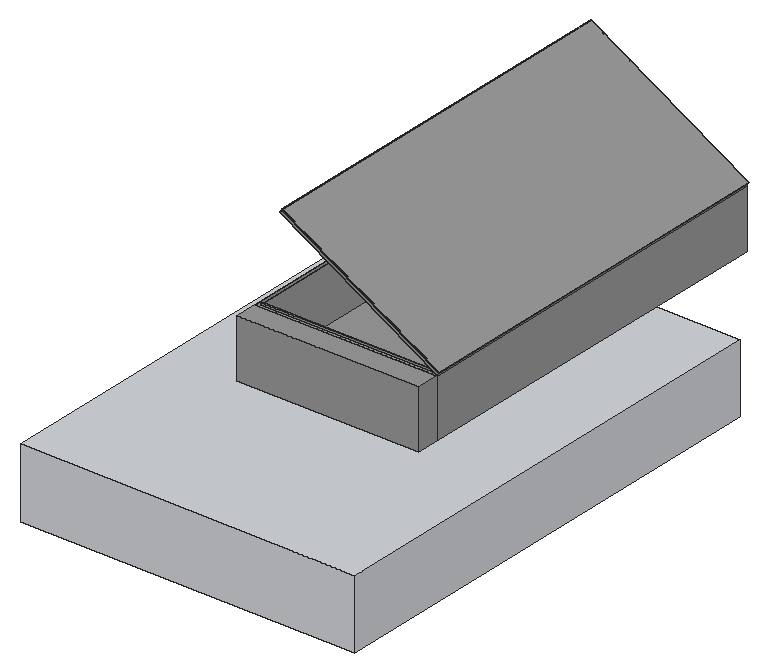
Revit family "Hager-Univers-IP55-D275-H1800-Cl.II-Steel_encl-PL-pl", category Equipement électrique, Revit 2020
Family settings
  Hôte = Face
  Configuration du panneau = Deux colonnes, circuits au sein
  Cote de connecteur circulaire = Utiliser le diamètre
  Type d'élément = Tableau de raccordement
  Couper avec des vides une fois chargée = Non
  Partagée = Non
  Point de calcul de pièce = Non
Parameters (values of type "Montaż podłogowy IP55 S800 W1800 G275  - FR13S1")
  Width Control [instance] = if([EF000008 - Szerokość] > Min Width, [EF000008 - Szerokość], Min Width)  # 800 mm
  Commentaires du type = [HG000003 - Zakres]  # "Univers"
  Thickness Door [instance] = if([EF009171 - Drzwi/pokrywa z materiału o wysokiej wytrzymałości mechanicznej] > 3 mm, 3 mm, [EF009171 - Drzwi/pokrywa z materiału o wysokiej wytrzymałości mechanicznej])  # 1.5 mm
  Seal Frame Offset [instance] = 17 mm  # constant formula
  Plinth Visibility [instance] = [HG000027 - Wysokość cokołu] > 0 mm  # yes
  Model = ""
  Min Width [instance] = 100 mm  # constant formula
  Min Height [instance] = 100 mm  # constant formula
  Min Depth [instance] = (2 * [EF009170 - Obudowa z materiału o wysokiej wytrzymałości mechanicznej]) + 1 mm  # 4 mm
  Internal Frame Depth [instance] = (Door System Depth * 0.5)  # 9 mm
  Height Control [instance] = if([EF000040 - Wysokość] > Min Height, [EF000040 - Wysokość], Min Height)  # 1800 mm
  HG000027 - Wysokość cokołu = 100 mm
  HG000026 - Stojąca = yes
  HG000024 - Wysokość części dolnej = 800 mm
  HG000023 - Obudowa dwusekcyjna = no
  HG000016 - Widoczność drzwi w widoku 3D [instance] = yes
  HG000015 - Przestrzeń robocza - otwarcie drzwi [instance] = no
  HG000014 - Drzwi prawe [instance] = yes
  HG000013 - Drzwi lewe [instance] = not([HG000014 - Drzwi prawe])  # no
  HG000012 - Kąt otwarcia drzwi [instance] = 30.00°
  HG000010 - Drzwi asymetryczne = no
  HG000009 - Drzwi dwuskrzydłowe = no
  HG000006 - Montaż podtynkowy = no
  HG000004 - Referencja producenta = "FR13S1"
  HG000003 - Zakres = "Univers"
  HG000002 - Z drzwiami lub pokrywą = yes
  Frame Offset Bottom [instance] = 10 mm  # constant formula
  Frame Offset [instance] = 15 mm  # constant formula
  EF015940 - Pokrywa z wyzwalaczem nadciśnieniowym = no
  EF011959 - Stopień ochrony (NEMA) = ""
  EF009554 - Liczba otworów pod flansze = 6
  Fabricant = "Hager"  # constant formula
  EF009212 - Wykonanie pokrywy = "EV000116 - Zamknięty"
  EF009171 - Drzwi/pokrywa z materiału o wysokiej wytrzymałości mechanicznej = 1.5 mm
  EF009170 - Obudowa z materiału o wysokiej wytrzymałości mechanicznej = 1.5 mm
  EF008873 - Prąd znamionowy (In) = 800 A
  EF007800 - Do ochrony odgromowej = no
  EF006306 - Z zamkiem = no
  EF006244 - Transparentna pokrywa/drzwi = no
  EF005474 - Stopień ochrony (IP) = "EV006420 - IP55"
  EF004464 - Rodzaj drzwi = "EV002646 - Pojedynczy"
  EF004427 - Liczba modułów = 396
  EF004293 - Odporność udarowa = "EV008784 - IK10"
  EF003532 - Do zastosowań zewnętrznych = no
  EF002950 - Szerokość wyrażona liczbą modułów = 24
  EF001613 - Podtrzymanie funkcji = "EV000494 - Brak"
  EF001596 - Materiał obudowy = "EV000179 - Stal"
  EF001131 - Głębokość wewnętrzna = 275 mm
  EF001088 - Możliwość rozbudowy = yes
  EF000437 - Liczba wejść kablowych = 6
  EF000339 - Rodzaj pokrywy = "EV004216 - Drzwi"
  EF000266 - Liczba rzędów = 11
  EF000218 - Głębokość wbudowania = 0 mm
  EF000118 - Z płytą montażową = no
  EF000116 - Numer RAL = "7035"
  EF000049 - Głębokość = 275 mm
  EF000040 - Wysokość = 1800 mm
  EF000008 - Szerokość = 800 mm
  EF000007 - Kolor = "EV000270 - Szary"
  EF000003 - Sposób montażu = "EV012274 - Montaż podłogowy"
  Door System Leaf Tolerance [instance] = 1.5 mm  # constant formula
  Door System Depth [instance] = 18 mm  # constant formula
  Door Height [instance] = Height Control - [HG000027 - Wysokość cokołu]  # 1700 mm
  Depth Control [instance] = if([EF000049 - Głębokość] > Min Depth, [EF000049 - Głębokość], Min Depth)  # 275 mm
  Default Elevation = 0 mm
  Connector Offset [instance] = Height Control / 2  # 900 mm
  Bottom Top Plate Trim [instance] = 1.5 mm  # constant formula
  Plinth height Ctrl [instance] = if([HG000027 - Wysokość cokołu] > 0 mm, [HG000027 - Wysokość cokołu], 12 mm)  # 100 mm
Types (5, lengths in mm): name | Width Control | HG000010 - Drzwi asymetryczne | HG000009 - Drzwi dwuskrzydłowe | HG000004 - Referencja producenta | EF009554 - Liczba otworów pod flansze | EF004464 - Rodzaj drzwi | EF004427 - Liczba modułów | EF000437 - Liczba wejść kablowych | EF000008 - Szerokość
  Montaż podłogowy IP55 S1050 W1800 G275  - FR14S1 | 1050 | yes | yes | "FR14S1" | 8 | "EV003602 - Podwójny" | 528 | 8 | 1050
  Montaż podłogowy IP55 S1300 W1800 G275  - FR15S1 | 1300 | yes | yes | "FR15S1" | 10 | "EV003602 - Podwójny" | 660 | 10 | 1300
  Montaż podłogowy IP55 S300 W1800 G275  - FR11S1 | 300 | no | no | "FR11S1" | 2 | "EV002646 - Pojedynczy" | 132 | 2 | 300
  Montaż podłogowy IP55 S550 W1800 G275  - FR12S1 | 550 | no | no | "FR12S1" | 4 | "EV002646 - Pojedynczy" | 264 | 4 | 550
  Montaż podłogowy IP55 S800 W1800 G275  - FR13S1 | 800 | no | no | "FR13S1" | 6 | "EV002646 - Pojedynczy" | 396 | 6 | 800
Reference planes
  plane 1 "Center (Front/Back)": y = 0
  plane 2: z = 0
  plane 3 "Center (Left/Right)": x = 0
  plane 4: z = 275
  plane 5: y = 101.5
  plane 6: y = 950
  plane 7: y = 100
  plane 8: y = 1800
  plane 9: z = 0
  plane 10: x = -385
  plane 11: x = 385
  plane 12: x = 383.5
  plane 13: x = -383.5
  plane 14: y = 1798.5
  plane 15: x = -383
  plane 16: x = -400
  plane 17: x = 383
  plane 18: x = 400
  plane 19: x = 398.5
  plane 20: x = -398.5
  plane 21: y = 111.5
  plane 22: y = 1800
  plane 23: y = 1783.5
  plane 24: z = 257
  plane 25: z = 1.5
  plane 26: z = 255.5
  plane 27: z = 273.5
Forms (mm)
  Extrusion 1, solid
    sketch origin (0, 0, 0) x (1, 0, 0) y (0, 1, 0)
      loop
        line (-702.964, 1305) -> (-702.964, -811.445) -> (766.763, -811.445) -> (766.763, 1305) -> (-702.964, 1305)
    from 0 to -304.8
  Extrusion 2, solid, material "Hager_Steel_RAL7035_Light_Grey", visible <- "Plinth Visibility", detail levels medium+fine
    sketch origin (0, 0, 0) x (1, 0, 0) y (0, 1, 0)
      loop
        line (-400, 0) -> (400, 0) -> (400, 100) -> (-400, 100) -> (-400, 0)
    from 0 to 257
  Extrusion 3, solid, material "Hager_Steel_RAL7035_Light_Grey", detail levels medium+fine
    sketch origin (0, 0, 0) x (1, 0, 0) y (0, 1, 0)
      loop
        line (-400, 100) -> (400, 100) -> (400, 1800) -> (-400, 1800) -> (-400, 100)
    from 0 to 257
  Extrusion 4, void
    sketch origin (0, 0, 0) x (1, 0, 0) y (0, 1, 0)
      loop
        line (-398.5, 101.5) -> (398.5, 101.5) -> (398.5, 1798.5) -> (-398.5, 1798.5) -> (-398.5, 101.5)
    from 1.5 to 255.5
  Extrusion 5, void
    sketch origin (-381.607, -4572, 257) x (0, -1, 0) y (-1, 0, 0)
      loop
        line (-4683.5, 1.893) -> (-6355.5, 1.893) -> (-6355.5, -765.107) -> (-4683.5, -765.107) -> (-4683.5, 1.893)
    from 0 to 1.5 <- "EF009170 - Obudowa z materiału o wysokiej wytrzymałości mechanicznej"
  Extrusion 6, solid, material "Hager_Steel_RAL7035_Light_Grey", detail levels fine
    sketch origin (0, 0, 257) x (1, 0, 0) y (0, 1, 0)
      loop
        line (-383.5, 1783.5) -> (-383.5, 111.5) -> (383.5, 111.5) -> (383.5, 1783.5) -> (-383.5, 1783.5)
      loop
        line (-385, 110) -> (385, 110) -> (385, 1785) -> (-385, 1785) -> (-385, 110)
    from 0 to 9 <- "Internal Frame Depth"
  Extrusion 7, solid, material "Hager_Steel_RAL7035_Light_Grey", detail levels coarse
    sketch origin (0, 0, 0) x (1, 0, 0) y (0, 1, 0)
      loop
        line (-400, 0) -> (400, 0) -> (400, 1800) -> (-400, 1800) -> (-400, 0)
    from 0 to 275
  Sweep 8, void
    path in 3D
      loop
        line (-400, 100, 0) -> (400, 100, 0) -> (400, 100, 257) -> (-400, 100, 257) -> (-400, 100, 0)
    profile origin (-400, 100, 128.5) x (-1, 0, 0) y (0, -1, 0)
      loop
        line (0, 0) -> (0, 1.5) -> (-1.5, 1.5)
        arc (-1.5, 1.5) -> (-1.061, 0.439) -> (0, 0) r 1.5
Cuts and joins
  Extrusion 4, Extrusion 5 cuts Extrusion 3
  Sweep 8 cuts Extrusion 2
Lines and regions (mm)
  Masking region 1
    outline origin (0, 0, 0) x (1, 0, 0) y (0, 0, 1)
      loop
        line (-400, 275) -> (-400, 0) -> (400, 0) -> (400, 275) -> (-400, 275)
  Masking region 2, detail levels medium+fine
    outline origin (0, 140, 0) x (0, 1, 0) y (0, 0, 1)
      loop
        line (-40, 0) -> (1660, 0) -> (1660, 257) -> (-40, 257) -> (-40, 0)
  Masking region 3, not visible, detail levels medium+fine
    outline origin (0, 297.922, 0) x (0, 1, 0) y (0, 0, 1)
      loop
        line (663.578, 0) -> (703.578, 0) -> (703.578, 263.5)
        arc (703.578, 263.5) -> (700.649, 270.571) -> (693.578, 273.5) r 10
        line (693.578, 273.5) -> (663.578, 273.5) -> (663.578, 0)
  Masking region 4, detail levels coarse
    outline origin (0, 0, 180) x (0, 1, 0) y (0, 0, 1)
      loop
        line (0, -180) -> (1800, -180) -> (1800, 95) -> (0, 95) -> (0, -180)
  Masking region 5, visible <- "Plinth Visibility", detail levels medium+fine
    outline origin (0, 52.24, 12.345) x (0, 0, -1) y (0, 1, 0)
      loop
        line (10.845, 47.76) -> (-243.155, 47.76)
        arc (-243.155, 47.76) -> (-243.594, 46.699) -> (-244.655, 46.26) r 1.5
        line (-244.655, 46.26) -> (-244.655, -52.24) -> (12.345, -52.24) -> (12.345, 46.26)
        arc (12.345, 46.26) -> (11.285, 46.699) -> (10.845, 47.76) r 1.5
  Masking region 6, detail levels medium+fine
    outline origin (-381.607, -4572, 257) x (-1, 0, 0) y (0, -1, 0)
      loop
        line (18.393, -6372) -> (18.393, -4672) -> (-781.607, -4672) -> (-781.607, -6372) -> (18.393, -6372)
  Masking region 7, visible <- "Plinth Visibility", detail levels medium+fine
    outline origin (-381.607, -4727, 257) x (-1, 0, 0) y (0, -1, 0)
      loop
        arc (16.893, -4827) -> (17.332, -4825.939) -> (18.393, -4825.5) r 1.5
        line (18.393, -4825.5) -> (18.393, -4727) -> (-781.607, -4727) -> (-781.607, -4825.5)
        arc (-781.607, -4825.5) -> (-780.546, -4825.939) -> (-780.107, -4827) r 1.5
        line (-780.107, -4827) -> (16.893, -4827)
  Masking region 8, detail levels coarse
    outline origin (-442.548, -4669.526, 257) x (-1, 0, 0) y (0, -1, 0)
      loop
        line (-42.548, -6469.526) -> (-42.548, -4669.526) -> (-842.548, -4669.526) -> (-842.548, -6469.526) -> (-42.548, -6469.526)
  sketch lines
    curve 1: line (-400, 100, 257) -> (-400, 100, 0)
    curve 2: line (400, 100, 257) -> (-400, 100, 257)
    curve 3: line (400, 100, 257) -> (400, 100, 0)
    curve 4: line (-400, 100, 0) -> (400, 100, 0)
Dimensions and locks
  "Depth Control": plane 4 to Extrusion 1
  "HG000027 - Wysokość cokołu": plane 1 "Center (Front/Back)" to plane 7
  "EF009170 - Obudowa z materiału o wysokiej wytrzymałości mechanicznej": plane 5 to plane 7
  locked: connector elem to plane 3 "Center (Left/Right)"
  equal spacing: plane 8, plane 6, plane 7
  locked: connector elem to plane 6
  "EF009170 - Obudowa z materiału o wysokiej wytrzymałości mechanicznej": plane 8 to plane 14
  "EF009170 - Obudowa z materiału o wysokiej wytrzymałości mechanicznej": plane 10 to plane 13
  "EF009170 - Obudowa z materiału o wysokiej wytrzymałości mechanicznej": plane 12 to plane 11
  "Frame Offset": plane 20 to plane 13
  "Frame Offset": plane 12 to plane 19
  "EF009170 - Obudowa z materiału o wysokiej wytrzymałości mechanicznej": plane 16 to plane 20
  "EF009170 - Obudowa z materiału o wysokiej wytrzymałości mechanicznej": plane 19 to plane 18
  "Seal Frame Offset": plane 16 to plane 15
  "Seal Frame Offset": plane 17 to plane 18
  "Frame Offset Bottom": plane 21 to plane 5
  "Frame Offset": plane 14 to plane 23
  equal spacing: plane 16, plane 3 "Center (Left/Right)", plane 18
  "Width Control": plane 16 to plane 18
  "EF009170 - Obudowa z materiału o wysokiej wytrzymałości mechanicznej": plane 4 to plane 27
  "EF009170 - Obudowa z materiału o wysokiej wytrzymałości mechanicznej": plane 24 to plane 26
  "EF009170 - Obudowa z materiału o wysokiej wytrzymałości mechanicznej": plane 25 to level
  "Door System Depth": plane 4 to plane 24
  "Height Control": plane 1 "Center (Front/Back)" to Extrusion 7 sketch curve
  "Height Control": Masking region 4 sketch curve to plane 1 "Center (Front/Back)"
  "Height Control": plane 1 "Center (Front/Back)" to plane 22
  "Bottom Top Plate Trim": profile plane to Sweep 8 sketch curve
  "Bottom Top Plate Trim": Sweep 8 sketch curve to profile plane
  "Plinth height Ctrl": plane 1 "Center (Front/Back)" to Extrusion 2 sketch curve
  "Plinth height Ctrl": Masking region 5 sketch curve to plane 1 "Center (Front/Back)"
  "Plinth height Ctrl": plane 1 "Center (Front/Back)" to Masking region 7 sketch curve
  "Thickness Door": Extrusion 6 sketch curve to Extrusion 6 sketch curve  (x3)
  "Thickness Door": cut or joined group of Extrusion 3, Extrusion 4, Extrusion 5 to Extrusion 6 sketch curve
  radius of Masking region 3 sketch curve = 10 mm
  "Bottom Top Plate Trim": radius of Masking region 5 sketch curve  (x2)
  "Bottom Top Plate Trim": radius of Sweep 8 sketch curve
  "Bottom Top Plate Trim": radius of Masking region 7 sketch curve  (x2)
  aligned and locked: plane 2 to Extrusion 1
  aligned and locked: level to Extrusion 1
  aligned and locked: level to Masking region 1 sketch curve
  aligned and locked: Masking region 1 sketch curve to plane 18
  aligned and locked: Masking region 1 sketch curve to plane 16
  aligned and locked: plane 7 to Masking region 2 sketch curve
  aligned and locked: level to Masking region 3 sketch curve
  aligned and locked: Masking region 3 sketch curve to plane 27
  aligned and locked: level to Masking region 2 sketch curve
  aligned and locked: plane 1 "Center (Front/Back)" to Extrusion 2 sketch curve
  aligned and locked: Extrusion 3 sketch curve to plane 7
  aligned and locked: plane 16 to Extrusion 3 sketch curve
  aligned and locked: plane 18 to Extrusion 3 sketch curve
  aligned and locked: plane 20 to Extrusion 4 sketch curve
  aligned and locked: plane 19 to Extrusion 4 sketch curve
  aligned and locked: Extrusion 4 sketch curve to plane 5
  aligned and locked: Extrusion 4 to plane 25
  aligned and locked: plane 26 to Extrusion 4
  aligned and locked: plane 24 to Extrusion 3
  aligned and locked: Extrusion 5 sketch curve to plane 21
  aligned and locked: Extrusion 5 sketch curve to plane 13
  aligned and locked: Extrusion 5 sketch curve to plane 12
  aligned and locked: plane 18 to Extrusion 7 sketch curve
  aligned and locked: plane 1 "Center (Front/Back)" to Extrusion 7 sketch curve
  aligned and locked: plane 16 to Extrusion 7 sketch curve
  aligned and locked: plane 4 to Extrusion 7
  aligned and locked: Extrusion 7 to level
  aligned and locked: level to Masking region 4 sketch curve
  aligned and locked: Masking region 4 sketch curve to plane 1 "Center (Front/Back)"
  aligned and locked: Masking region 4 sketch curve to plane 4
  aligned and locked: nested 1 to level
  aligned and locked: nested 1 to plane 16
  aligned and locked: plane 8 to Extrusion 3 sketch curve
  aligned and locked: plane 23 to Extrusion 5 sketch curve
  aligned and locked: plane 14 to Extrusion 4 sketch curve
  aligned and locked: Masking region 2 sketch curve to plane 8
  aligned and locked: level to Masking region 5 sketch curve
  aligned and locked: plane 16 to Extrusion 2 sketch curve
  aligned and locked: plane 18 to Extrusion 2 sketch curve
  aligned and locked: Masking region 5 sketch curve to plane 24
  aligned and locked: Masking region 2 sketch curve to plane 24
  aligned and locked: plane 24 to Extrusion 2
  aligned and locked: profile plane to Sweep 8 sketch curve  (x2)
  aligned and locked: Masking region 6 sketch curve to plane 18
  aligned and locked: Masking region 6 sketch curve to plane 22
  aligned and locked: Masking region 6 sketch curve to plane 16
  aligned and locked: plane 8 to plane 22
  aligned and locked: Masking region 6 sketch curve to plane 7
  aligned and locked: Masking region 7 sketch curve to plane 16
  aligned and locked: Masking region 7 sketch curve to plane 1 "Center (Front/Back)"
  aligned and locked: Masking region 7 sketch curve to plane 18
  aligned and locked: Masking region 8 sketch curve to plane 1 "Center (Front/Back)"
  aligned and locked: Masking region 8 sketch curve to plane 18
  aligned and locked: Masking region 8 sketch curve to plane 22
  aligned and locked: Masking region 8 sketch curve to plane 16
  aligned and locked: nested 2 to plane 7
  aligned and locked: plane 3 "Center (Left/Right)" to nested 2
  aligned and locked: nested 2 to plane 24
  aligned and locked: Extrusion 6 sketch curve to cut or joined group of Extrusion 3, Extrusion 4, Extrusion 5  (x4)
Automatic sketch dimensions
  Extrusion 1 sketch curve to Extrusion 1 sketch curve = 1469.727 mm
  Extrusion 1 sketch curve to Extrusion 1 sketch curve = 2116.445 mm
  Masking region 1 sketch curve to plane 4 = 0 mm
  plane 6 to Masking region 3 sketch curve = 11.5 mm
  Masking region 3 sketch curve to Masking region 3 sketch curve = 30 mm
  Masking region 5 sketch curve to plane 1 "Center (Front/Back)" = 0 mm
Nested families
  nested 1: "Hager_Enclosure_Symbol" at (-400, 0, 0) x (1, 0, 0) z (0, -1, 0), Height <- "Depth Control", Width <- "Width Control", type "Hager_Enclosure_Symbol"
    with Width_Ctrl 800 mm, Width 800 mm, Height_Ctrl 275 mm, Height 275 mm, A_Width_Int 18.047 mm, A_Width 216.562 mm, A_Height_Ctrl 240.625 mm, A_Height 240.625 mm
  nested 2: "EC000058_Univers_Door" at (0, 100, 257) x (1, 0, 0) z (0, 1, 0), Leaf_Tolerance <- "Door System Leaf Tolerance", Angle <- "HG000012 - Kąt otwarcia drzwi", Door_Depth <- "Door System Depth", Door_Left <- "HG000013 - Drzwi lewe", Transparent <- "EF006244 - Transparentna pokrywa/drzwi", Assymetrical <- "HG000010 - Drzwi asymetryczne", Width <- "Width Control", Clearance <- "HG000015 - Przestrzeń robocza - otwarcie drzwi", Double <- "HG000009 - Drzwi dwuskrzydłowe", 3d_Door <- "HG000016 - Widoczność drzwi w widoku 3D", Lock_Visibility <- "EF006306 - Z zamkiem", Width_Ctrl <- "Width Control", Door_Right <- "HG000014 - Drzwi prawe", Door <- "HG000002 - Z drzwiami lub pokrywą", Height <- "Door Height", Thickness <- "Thickness Door", type "EC000058_Univers_Door", detail levels medium+fine
    with min_wh 4 mm, Width_Ctrl 800 mm, Width 800 mm, Transparent no, Thickness 1.5 mm, Seal_Material Hager_Rubber, Lock_Visibility no, Lock_Material Hager_Plastic_RAL9005_Jet_Black, Leaf_Width 800 mm, Leaf_Tolerance_External_Sides 0 mm, Leaf_Tolerance 1.5 mm, Leaf_Offset 0 mm, Leaf_Height 1697 mm, Leaf_2_Width 800 mm, Leaf_2_Offset 400 mm, Leaf_1_Width 800 mm, Leaf_1_Offset 400 mm, Height_Ctrl 1700 mm, Height 1700 mm, Glass_Material Hager_Glass, Double_Clearance_Ctrl no, Double no, Door_Right_Ctrl yes, Door_Right yes, Door_Material Hager_Steel_RAL7035_Light_Grey, Door_Left_Ctrl no, Door_Left no, Door_Depth 18 mm, Door yes, Clearance_Material Hager_Clearance, Clearance_Depth 800 mm, Clearance_Ctrl no, Clearance no, Assymetrical no, Angle 30.00°, 3d_Door yes
Connectors
  electrical at (0, 950, 0)
    settings: on plane 9, index 1, voltage 0 V, apparent load 0 VA, apparent load phase1 0 VA, apparent load phase2 0 VA, apparent load phase3 0 VA, power factor 1, load classification "Other", number of poles 1, system type 30, power factor state 1, is connector primary yes, connector utility no, sub classification motor no, connector description ""
Definition of nested family "EC000058_Univers_Door"
  Parameters (values of type "EC000058_Univers_Door")
    min_wh [instance] = (2 * Thickness) + 1 mm  # 11 mm
    Width_Ctrl [instance] = 400 mm
    Width [instance] = 500 mm
    Transparent [instance] = yes
    Thickness [instance] = 5 mm
    Seal_Material [instance] = none
    Lock_Visibility [instance] = yes
    Lock_Material [instance] = none
    Leaf_Width [instance] = if((Width_Ctrl - 2 * Leaf_Tolerance_External_Sides) > 0 mm, (Width_Ctrl - 2 * Leaf_Tolerance_External_Sides), min_wh)  # 400 mm
    Leaf_Tolerance_External_Sides [instance] = 0 mm  # constant formula
    Leaf_Tolerance [instance] = 1.5 mm
    Leaf_Offset [instance] = 0 mm  # constant formula
    Leaf_Height [instance] = if((Height_Ctrl - 2 * Leaf_Tolerance) > 0 mm, (Height_Ctrl - 2 * Leaf_Tolerance), min_wh)  # 497 mm
    Leaf_2_Width [instance] = if(and(and(Double, Assymetrical), Door_Left), (Leaf_Width / 3) - (Leaf_Tolerance / 2), if(and(and(Double, Assymetrical), Door_Right), (Leaf_Width / 3) * 2 - (Leaf_Tolerance / 2), if(and(Double, not(Assymetrical)), (Leaf_Width / 2) - Leaf_Tolerance, Leaf_Width)))  # 400 mm
    Leaf_2_Offset [instance] = if(and(Double, Assymetrical), Leaf_2_Width / 2, if(and(Double, not(Assymetrical)), Leaf_Width / 4, Leaf_Width / 2))  # 200 mm
    Leaf_1_Width [instance] = if(and(and(Double, Assymetrical), Door_Right), (Leaf_Width / 3) - (Leaf_Tolerance / 2), if(and(and(Double, Assymetrical), Door_Left), (Width / 3) * 2 - (Leaf_Tolerance / 2), if(and(Double, not(Assymetrical)), (Leaf_Width / 2) - Leaf_Tolerance, Leaf_Width)))  # 400 mm
    Leaf_1_Offset [instance] = if(and(Double, Assymetrical), Leaf_1_Width / 2, if(and(Double, not(Assymetrical)), Leaf_Width / 4, Leaf_Width / 2))  # 200 mm
    Height_Ctrl [instance] = if(Height > min_wh, Height, min_wh)  # 500 mm
    Height [instance] = 500 mm
    Glass_Material [instance] = none
    Double_Clearance_Ctrl [instance] = and(Double, Clearance)  # no
    Double [instance] = no
    Door_Right_Ctrl [instance] = and(or(Door_Right, Double), Door)  # yes
    Door_Right [instance] = yes
    Door_Material [instance] = none
    Door_Left_Ctrl [instance] = and(or(Door_Left, Double), Door)  # no
    Door_Left [instance] = no
    Door_Depth [instance] = 30 mm
    Door [instance] = yes
    Default Elevation = 1219.2 mm
    Clearance_Material [instance] = none
    Clearance_Depth [instance] = if(Leaf_1_Width > Leaf_2_Width, Leaf_1_Width, Leaf_2_Width)  # 400 mm
    Clearance_Ctrl [instance] = and(not(Double), Clearance)  # yes
    Clearance [instance] = yes
    Assymetrical [instance] = yes
    Angle [instance] = 30.00°
    3d_Door [instance] = yes
  Reference planes
    plane 1 "Center (Front/Back)": y = 0
    plane 2 "Bottom": z = 0
    plane 3 "Center (Left/Right)": x = 0
    plane 4: z = 500
    plane 5: x = -200
    plane 6: x = 200
    plane 7: z = 500
    plane 8: x = -200
    plane 9: z = 0
    plane 10: x = 200
    plane 11: y = 0
    plane 12: z = 1.5
    plane 13: x = -600
    plane 14: y = -400
    plane 15: x = 600
    plane 16: x = 0
    plane 17: x = 0
    plane 18: x = -200
    plane 19: x = 200
    plane 20: z = 498.5
  Forms (mm)
    Extrusion 1, solid, material <- "Clearance_Material", visible <- "Double_Clearance_Ctrl"
      sketch origin (1200, 0, 0) x (1, 0, 0) y (0, 0, -1)
        loop
          line (-1800, -498.5) -> (-600, -498.5) -> (-600, 0) -> (-1800, 0) -> (-1800, -498.5)
      from 0 to -400
  Dimensions and locks
    equal spacing: plane 5, plane 3 "Center (Left/Right)", plane 6
    "Width_Ctrl": plane 5 to plane 6
    "Leaf_Offset": plane 5 to plane 8
    "Leaf_Offset": plane 6 to plane 10
    "Leaf_Offset": plane 9 to level
    "Leaf_Offset": plane 4 to plane 7
    "Height_Ctrl": plane 4 to level
    "Leaf_Tolerance": plane 12 to plane 9
    locked: plane 11 to plane 1 "Center (Front/Back)"
    "Leaf_1_Offset": plane 18 to plane 16
    "Leaf_2_Offset": plane 17 to plane 19
    "Leaf_1_Width": plane 13 to plane 8
    "Leaf_2_Width": plane 10 to plane 15
    "Clearance_Depth": plane 14 to plane 1 "Center (Front/Back)"
    "Leaf_Tolerance_External_Sides": plane 8 to plane 18
    "Leaf_Tolerance_External_Sides": plane 19 to plane 10
    "Leaf_Tolerance": plane 7 to plane 20
    aligned and locked: level to plane 2 "Bottom"
    aligned and locked: nested 1 to plane 16
    aligned and locked: nested 2 to plane 17
    aligned and locked: Extrusion 1 to plane 13
    aligned and locked: plane 15 to Extrusion 1
    aligned and locked: Extrusion 1 to plane 14
    aligned and locked: plane 12 to nested 1
    aligned and locked: nested 2 to plane 12
    aligned and locked: Extrusion 1 to plane 11
    aligned and locked: plane 20 to Extrusion 1
    aligned and locked: nested 2 to plane 11
    aligned and locked: nested 1 to plane 11
  Automatic sketch dimensions
    Extrusion 1 sketch curve to level = 0 mm
    plane 5 to Extrusion 1 sketch curve = 400 mm
    plane 6 to Extrusion 1 sketch curve = 400 mm
    Extrusion 1 sketch curve to plane 4 = 1.5 mm
  Nested families
    nested 1: "EC000058_Univers_Door_Leaf" at (0, 0, 1.5), Width <- "Leaf_1_Width", visible <- "Door_Left_Ctrl", Leaf_Height <- "Leaf_Height", Angle <- "Angle", 3d_Door <- "3d_Door", Transparent <- "Transparent", Clearance Material <- "Clearance_Material", Clearance <- "Clearance_Ctrl", Door_Material <- "Door_Material", Glass_Material <- "Glass_Material", Door_Depth <- "Door_Depth", Lock_Material <- "Lock_Material", Seal_Material <- "Seal_Material", Lock_Visibility <- "Lock_Visibility", Thickness <- "Thickness", type "EC000058_Univers_Door_Leaf"
      with Width 400 mm, Transparent_Glass_Offset 30 mm, Transparent_Ctrl yes, Transparent yes, Thickness 5 mm, Standard no, Seal_Material none, Seal_D2 8 mm, Seal_D1 1 mm, Offset_Internal_Frame 10 mm, Lock_Width 20 mm, Lock_Visibility_3d yes, Lock_Visibility yes, Lock_Thickness_3 3 mm, Lock_Thickness_2 1 mm, Lock_Thickness_1 3 mm, Lock_Radius_Offset_2 16 mm, Lock_Radius_Offset_1 15 mm, Lock_Radius_2 5 mm, Lock_Radius 6 mm, Lock_Offset 5 mm, Lock_Material none, Lock_Height 80 mm, Lock_Cover_Top_Offset_2d 17 mm, Lock_Cover_Height -65 mm, Leaf_Height 497 mm, Internal_Seal_Thickness 8 mm, Internal_Seal_Depth_2 4.5 mm, Internal_Frame_Depth 25 mm, Glass_Thickness -1 mm, Glass_Offset -2 mm, Glass_Material none, Door_Material none, Door_Depth 30 mm, Clearance Material none, Clearance yes, Angle_Ctrl 30.00°, Angle 30.00°, 3d_Door yes
    nested 2: "EC000058_Univers_Door_Leaf" at (0, 0, 1.5) x (-1, 0, 0) z (0, 0, 1), Width <- "Leaf_2_Width", visible <- "Door_Right_Ctrl", Leaf_Height <- "Leaf_Height", Angle <- "Angle", 3d_Door <- "3d_Door", Transparent <- "Transparent", Clearance Material <- "Clearance_Material", Clearance <- "Clearance_Ctrl", Door_Material <- "Door_Material", Glass_Material <- "Glass_Material", Door_Depth <- "Door_Depth", Lock_Material <- "Lock_Material", Seal_Material <- "Seal_Material", Lock_Visibility <- "Lock_Visibility", Thickness <- "Thickness", type "EC000058_Univers_Door_Leaf"
      with Width 400 mm, Transparent_Glass_Offset 30 mm, Transparent_Ctrl yes, Transparent yes, Thickness 5 mm, Standard no, Seal_Material none, Seal_D2 8 mm, Seal_D1 1 mm, Offset_Internal_Frame 10 mm, Lock_Width 20 mm, Lock_Visibility_3d yes, Lock_Visibility yes, Lock_Thickness_3 3 mm, Lock_Thickness_2 1 mm, Lock_Thickness_1 3 mm, Lock_Radius_Offset_2 16 mm, Lock_Radius_Offset_1 15 mm, Lock_Radius_2 5 mm, Lock_Radius 6 mm, Lock_Offset 5 mm, Lock_Material none, Lock_Height 80 mm, Lock_Cover_Top_Offset_2d 17 mm, Lock_Cover_Height -65 mm, Leaf_Height 497 mm, Internal_Seal_Thickness 8 mm, Internal_Seal_Depth_2 4.5 mm, Internal_Frame_Depth 25 mm, Glass_Thickness -1 mm, Glass_Offset -2 mm, Glass_Material none, Door_Material none, Door_Depth 30 mm, Clearance Material none, Clearance yes, Angle_Ctrl 30.00°, Angle 30.00°, 3d_Door yes
  Definition of nested family "EC000058_Univers_Door_Leaf"
    Parameters (values of type "EC000058_Univers_Door_Leaf")
      Width [instance] = 2000 mm
      Transparent_Glass_Offset [instance] = 30 mm
      Transparent_Ctrl [instance] = and(Transparent, [3d_Door])  # yes
      Transparent [instance] = yes
      Thickness [instance] = 5 mm
      Standard [instance] = and(not(Transparent), [3d_Door])  # no
      Seal_Material [instance] = none
      Seal_D2 [instance] = 8 mm  # constant formula
      Seal_D1 [instance] = 1 mm  # constant formula
      Offset_Internal_Frame [instance] = 10 mm  # constant formula
      Lock_Width [instance] = 20 mm  # constant formula
      Lock_Visibility_3d [instance] = and(Lock_Visibility, [3d_Door])  # yes
      Lock_Visibility [instance] = yes
      Lock_Thickness_3 [instance] = 3 mm  # constant formula
      Lock_Thickness_2 [instance] = 1 mm  # constant formula
      Lock_Thickness_1 [instance] = 3 mm  # constant formula
      Lock_Radius_Offset_2 [instance] = Lock_Radius_Offset_1 + 1 mm  # 16 mm
      Lock_Radius_Offset_1 [instance] = 15 mm  # constant formula
      Lock_Radius_2 [instance] = Lock_Radius - 1 mm  # 5 mm
      Lock_Radius [instance] = 6 mm  # constant formula
      Lock_Offset [instance] = 5 mm  # constant formula
      Lock_Material [instance] = none
      Lock_Height [instance] = 80 mm  # constant formula
      Lock_Cover_Top_Offset_2d [instance] = Lock_Radius_Offset_2 + 1 mm  # 17 mm
      Lock_Cover_Height [instance] = -(Lock_Height - Lock_Radius_Offset_1)  # -65 mm
      Leaf_Height [instance] = 2720.336 mm
      Internal_Seal_Thickness [instance] = 8 mm  # constant formula
      Internal_Seal_Depth_2 [instance] = 4.5 mm  # constant formula
      Internal_Frame_Depth [instance] = if(Door_Depth - Thickness > 5 mm, Door_Depth - Thickness, 5 mm)  # 25 mm
      Glass_Thickness [instance] = if(Thickness > 15 mm, Glass_Offset + 10 mm, -1 mm)  # -1 mm
      Glass_Offset [instance] = if(Thickness > 15 mm, -(Thickness + 10 mm) / 2, -2 mm)  # -2 mm
      Glass_Material [instance] = none
      Door_Material [instance] = none
      Door_Depth [instance] = 30 mm
      Default Elevation = 0 mm
      Clearance Material [instance] = none
      Clearance [instance] = yes
      Angle_Ctrl [instance] = if(Angle > 180.00°, 180.00°, Angle)  # 90.00°
      Angle [instance] = 90.00°
      3d_Door [instance] = yes
    Reference planes
      plane 1 "Center (Front/Back)": y = 0
      plane 2: z = 0
      plane 3 "Center (Left/Right)": x = 0
      plane 4: y = 2000
      plane 5: x = -1000
      plane 6: x = 1000
      plane 7: x = -3000
      plane 8: z = 2720.336
      plane 9: z = 30
      plane 10: z = 2690.336
      plane 11: x = 970
      plane 12: x = -970
      plane 13: y = -3
      plane 14: z = 107.833
      plane 15: y = -5
      plane 16: y = -223.314
      plane 17: x = -1000
      plane 18: z = 1360.168
      plane 19: y = 30
    Forms (mm)
      Extrusion 1, solid, material <- "Clearance Material", visible <- "Clearance"
        sketch origin (0, 0, 0) x (1, 0, 0) y (0, 0, 1)
          loop
            line (-3000, 2720.336) -> (-3000, 0) -> (1000, 0) -> (1000, 2720.336) -> (-3000, 2720.336)
        from 0 to -2000
      Extrusion 2, solid, material <- "Door_Material", visible <- "Standard", detail levels medium+fine
        sketch origin (-1000, 0, 0) x (0, 1, 0) y (-1, 0, 0)
          loop
            line (0, 30) -> (0, 25) -> (2000, 25) -> (2000, 30) -> (0, 30)
        from 0 to 2720.336 <- "Leaf_Height"
      Extrusion 3, solid, material <- "Door_Material", visible <- "Transparent_Ctrl", detail levels medium+fine
        sketch origin (-1000, 0, 0) x (0, 1, 0) y (-1, 0, 0)
          loop
            line (0, 25) -> (2000, 25) -> (2000, 30) -> (0, 30) -> (0, 25)
        from 0 to 2720.336 <- "Leaf_Height"
      Extrusion 4, void
        sketch origin (-1025, 2000, 0) x (0, 1, 0) y (0, 0, -1)
          loop
            line (-30, -2690.336) -> (-30, -30) -> (-1970, -30) -> (-1970, -2690.336) -> (-30, -2690.336)
        from 0 to 5 <- "Thickness"
      Sweep 5, solid, material <- "Seal_Material", visible <- "Transparent_Ctrl", detail levels fine
        path in 3D
          loop
            line (-1025, 30, 30) -> (-1025, 30, 2690.336) -> (-1025, 1970, 2690.336) -> (-1025, 1970, 30) -> (-1025, 30, 30)
        profile origin (-1025, 1000, 30) x (1, 0, 0) y (0, 0, 1)
          loop
            line (0, 0) -> (0, -8) -> (1, -8) -> (1, 0) -> (0, 0)
      Extrusion 6, solid, material <- "Glass_Material", visible <- "Transparent_Ctrl", detail levels medium+fine
        sketch origin (-1030, 0, 0) x (0, 1, 0) y (0, 0, -1)
          loop
            line (1970, -2690.336) -> (1970, -30) -> (30, -30) -> (30, -2690.336) -> (1970, -2690.336)
        from -2 <- "Glass_Offset" to -1 <- "Glass_Thickness"
      Extrusion 7, solid, material <- "Door_Material", visible <- "3d_Door", detail levels medium+fine
        sketch origin (-1025, 2000, 0) x (0, -1, 0) y (0, 0, -1)
          loop
            line (0, -2720.336) -> (2000, -2720.336) -> (2000, 0) -> (0, 0) -> (0, -2720.336)
          loop
            line (1995, -5) -> (5, -5) -> (5, -2715.336) -> (1995, -2715.336) -> (1995, -5)
        from 0 to 25 <- "Internal_Frame_Depth"
      Sweep 8, solid, material <- "Seal_Material", visible <- "Transparent_Ctrl", detail levels fine
        path in 3D
          loop
            line (-1025, 0, 0) -> (-1025, 2000, 0) -> (-1025, 2000, 2720.336) -> (-1025, 0, 2720.336) -> (-1025, 0, 0)
        profile origin (-1025, 0, 1360.168) x (1, 0, 0) y (0, 1, 0)
          loop
            line (0, 10) -> (2.975, 10)
            arc (2.975, 10) -> (4.053, 10.447) -> (4.5, 11.525) r 1.525
            line (4.5, 11.525) -> (4.5, 16.527)
            arc (4.5, 16.527) -> (4.069, 17.569) -> (3.027, 18) r 1.473
            line (3.027, 18) -> (0, 18) -> (0, 10)
      Extrusion 9, solid, material <- "Lock_Material", visible <- "Lock_Visibility_3d", detail levels fine
        sketch origin (-1030, 0, 0) x (0, 1, 0) y (0, 0, -1)
          loop
            arc (1993.5, -1400.168) -> (1994.561, -1399.729) -> (1995, -1398.668) r 1.5
            line (1995, -1398.668) -> (1995, -1320.168) -> (1975, -1320.168) -> (1975, -1398.668)
            arc (1975, -1398.668) -> (1975.439, -1399.729) -> (1976.5, -1400.168) r 1.5
            line (1976.5, -1400.168) -> (1993.5, -1400.168)
        from 3 <- "Lock_Thickness_1" to 0
      Blend 10, solid, material <- "Lock_Material", visible <- "Lock_Visibility_3d", detail levels fine
        base sketch origin (-1033, 0, 0) x (0, 1, 0) y (0, 0, -1)
          loop
            line (1975, -1320.168) -> (1975, -1398.668)
            arc (1975, -1398.668) -> (1975.439, -1399.729) -> (1976.5, -1400.168) r 1.5
            line (1976.5, -1400.168) -> (1993.5, -1400.168)
            arc (1993.5, -1400.168) -> (1994.561, -1399.729) -> (1995, -1398.668) r 1.5
            line (1995, -1398.668) -> (1995, -1320.168) -> (1975, -1320.168)
        top sketch origin (-1033, 0, 0) x (0, 1, 0) y (0, 0, -1)
          loop
            line (1976, -1320.168) -> (1976, -1398.668)
            arc (1976, -1398.668) -> (1976.146, -1399.022) -> (1976.5, -1399.168) r 0.5
            line (1976.5, -1399.168) -> (1993.5, -1399.168)
            arc (1993.5, -1399.168) -> (1993.854, -1399.022) -> (1994, -1398.668) r 0.5
            line (1994, -1398.668) -> (1994, -1320.168) -> (1976, -1320.168)
        from 0 to 1 <- "Lock_Thickness_2"
      Blend 11, solid, material <- "Lock_Material", visible <- "Lock_Visibility_3d", detail levels fine
        base sketch origin (-1034, 0, 0) x (0, 1, 0) y (0, 0, -1)
          loop
            line (1978, -1320.168) -> (1978, -1384.168)
            arc (1978, -1384.168) -> (1985, -1391.168) -> (1992, -1384.168) r 7
            line (1992, -1384.168) -> (1992, -1320.168) -> (1978, -1320.168)
        top sketch origin (-1034, 0, 0) x (0, 1, 0) y (0, 0, -1)
          loop
            line (1991, -1320.168) -> (1979, -1320.168) -> (1979, -1383.168)
            arc (1979, -1383.168) -> (1985, -1389.168) -> (1991, -1383.168) r 6
            line (1991, -1383.168) -> (1991, -1320.168)
        from 0 to 3 <- "Lock_Thickness_3"
      Extrusion 12, solid, material <- "Lock_Material", visible <- "Lock_Visibility_3d", detail levels fine
        sketch origin (-1030, 1975, 1320.168) x (1, 0, 0) y (0, -1, 0)
          loop
            line (-7, -19) -> (-7, -1) -> (0, -1) -> (0, 0) -> (-8, 0) -> (-8, -20) -> (0, -20) -> (0, -19) -> (-7, -19)
        from 0 to -65 <- "Lock_Cover_Height"
      Extrusion 13, void
        sketch origin (-1038, 1995, 1320.168) x (-1, 0, 0) y (0, 0, -1)
          loop
            line (-5, -65) -> (0, -65) -> (-5, -60) -> (-5, -65)
        from 0 to 20 <- "Lock_Width"
      Extrusion 14, void
        sketch origin (-1038, 1975, 1320.168) x (0, -1, 0) y (0, 0, -1)
          loop
            circle (-10, -15.995) r 6
          loop
            circle (-10, -15.995) r 5
        from 0 to 2
      Extrusion 15, solid, material <- "Lock_Material", visible <- "Lock_Visibility_3d", detail levels medium
        sketch origin (-1030, 0, 0) x (0, 1, 0) y (0, 0, -1)
          loop
            arc (1993.5, -1400.168) -> (1994.561, -1399.729) -> (1995, -1398.668) r 1.5
            line (1995, -1398.668) -> (1995, -1320.168) -> (1975, -1320.168) -> (1975, -1398.668)
            arc (1975, -1398.668) -> (1975.439, -1399.729) -> (1976.5, -1400.168) r 1.5
            line (1976.5, -1400.168) -> (1993.5, -1400.168)
        from 8 to 0
    Cuts and joins
      Extrusion 4 cuts Extrusion 3
      Extrusion 13, Extrusion 14 cuts Extrusion 9
      Extrusion 14 cuts Blend 11
      Extrusion 13, Extrusion 14 cuts Extrusion 12
      joined: Extrusion 9, Blend 10, Blend 11, Extrusion 12
      Extrusion 14 cuts Extrusion 15
    Lines and regions (mm)
      Masking region 1, visible <- "Lock_Visibility", detail levels fine
        outline origin (0, 0, 0) x (0, 1, 0) y (0, 0, 1)
          loop
            line (30, 1320.168) -> (33, 1320.168) -> (33, 1400.168) -> (30, 1400.168) -> (30, 1320.168)
      Masking region 2, visible <- "Lock_Visibility", detail levels fine
        outline origin (0, 3.143, 0) x (0, 1, 0) y (0, 0, 1)
          loop
            line (29.857, 1354.168) -> (30.857, 1354.168) -> (30.857, 1366.168) -> (29.857, 1366.168) -> (29.857, 1354.168)
      Masking region 3, detail levels medium+fine
        outline origin (0, 0, 0) x (0, 1, 0) y (0, 0, 1)
          loop
            line (0, 0) -> (30, 0) -> (30, 2720.336) -> (0, 2720.336) -> (0, 0)
      Masking region 4, detail levels medium+fine
        outline origin (0, 0, 0) x (1, 0, 0) y (0, 0, 1)
          loop
            line (-1000, 2720.336) -> (-1000, 0) -> (1000, 0) -> (1000, 2720.336) -> (-1000, 2720.336)
      Masking region 5, visible <- "Lock_Visibility", detail levels fine
        outline origin (-47.116, 0, 0) x (1, 0, 0) y (0, 0, 1)
          loop
            arc (1024.616, 1399.168) -> (1023.556, 1398.729) -> (1023.116, 1397.668) r 1.5
            line (1023.116, 1397.668) -> (1023.116, 1320.168) -> (1041.116, 1320.168) -> (1041.116, 1397.668)
            arc (1041.116, 1397.668) -> (1040.677, 1398.729) -> (1039.616, 1399.168) r 1.5
            line (1039.616, 1399.168) -> (1024.616, 1399.168)
      Masking region 6, visible <- "Lock_Visibility", detail levels medium+fine
        outline origin (-25, 0, 0) x (1, 0, 0) y (0, 0, 1)
          loop
            arc (1001.5, 1400.168) -> (1000.439, 1399.729) -> (1000, 1398.668) r 1.5
            line (1000, 1398.668) -> (1000, 1320.168) -> (1020, 1320.168) -> (1020, 1398.668)
            arc (1020, 1398.668) -> (1019.561, 1399.729) -> (1018.5, 1400.168) r 1.5
            line (1018.5, 1400.168) -> (1001.5, 1400.168)
      Masking region 7, visible <- "Lock_Visibility", detail levels fine
        outline origin (-73.735, 0, 0) x (1, 0, 0) y (0, 0, 1)
          loop
            line (1051.735, 1382.168) -> (1065.735, 1382.168) -> (1065.735, 1384.168)
            arc (1065.735, 1384.168) -> (1058.735, 1391.168) -> (1051.735, 1384.168) r 7
            line (1051.735, 1384.168) -> (1051.735, 1382.168)
      Masking region 8, visible <- "Lock_Visibility", detail levels fine
        outline origin (-73.735, 0, 0) x (1, 0, 0) y (0, 0, 1)
          loop
            line (1052.735, 1382.168) -> (1064.735, 1382.168) -> (1064.735, 1383.168)
            arc (1064.735, 1383.168) -> (1058.735, 1389.168) -> (1052.735, 1383.168) r 6
            line (1052.735, 1383.168) -> (1052.735, 1382.168)
      Masking region 9, visible <- "Lock_Visibility", detail levels fine
        outline origin (-25, 0, 0) x (1, 0, 0) y (0, 0, 1)
          loop
            line (1020, 1320.168) -> (1020, 1382.168) -> (1000, 1382.168) -> (1000, 1320.168) -> (1020, 1320.168)
      Masking region 10, detail levels medium+fine
        outline origin (0, 0, 0) x (1, 0, 0) y (0, 0, 1)
          loop
            circle (985, 1335.144) r 6
      Masking region 11, detail levels fine
        outline origin (0, 0, 0) x (1, 0, 0) y (0, 0, 1)
          loop
            circle (985, 1335.144) r 5
      Masking region 12, visible <- "Lock_Visibility", detail levels fine
        outline origin (0, 12.767, 0) x (0, 1, 0) y (0, 0, 1)
          loop
            line (20.233, 1320.168) -> (21.233, 1320.168) -> (21.233, 1399.168) -> (20.233, 1400.168) -> (20.233, 1320.168)
      Masking region 13, visible <- "Lock_Visibility", detail levels fine
        outline origin (0, 13.767, -10) x (0, 1, 0) y (0, 0, 1)
          loop
            line (20.233, 1330.168) -> (23.233, 1330.168) -> (23.233, 1399.168) -> (20.233, 1402.168) -> (20.233, 1330.168)
      Masking region 14, visible <- "Lock_Visibility", detail levels fine
        outline origin (0, 12.767, -10) x (0, 1, 0) y (0, 0, 1)
          loop
            line (20.233, 1330.168) -> (25.233, 1330.168) -> (25.233, 1399.305) -> (20.233, 1394.305) -> (20.233, 1330.168)
      Masking region 15, visible <- "Lock_Visibility", detail levels medium
        outline origin (0, 0, 0) x (0, 1, 0) y (0, 0, 1)
          loop
            line (30, 1320.168) -> (38, 1320.168) -> (38, 1400.168) -> (30, 1400.168) -> (30, 1320.168)
      Masking region 16, visible <- "Lock_Visibility", detail levels fine
        outline origin (-1000, 0, 0) x (0, 1, 0) y (-1, 0, 0)
          loop
            line (1975, 30) -> (1995, 30) -> (1995, 38) -> (1975, 38) -> (1975, 30)
          loop
            line (1979, 37) -> (1976, 37) -> (1976, 34) -> (1978, 34) -> (1979, 37)
          loop
            line (1994, 37) -> (1991, 37) -> (1992, 34) -> (1994, 34) -> (1994, 37)
      Masking region 17, visible <- "Lock_Visibility", detail levels medium
        outline origin (-1000, 0, 0) x (0, 1, 0) y (-1, 0, 0)
          loop
            line (1975, 30) -> (1995, 30) -> (1995, 38) -> (1975, 38) -> (1975, 30)
      symbolic lines
        curve 1: line (1000, 0, 0) -> (-3000, 0, 0)
        curve 2: arc (1000, 0, 0) -> (-1000, 2000, 0) -> (-3000, 0, 0) r 2000
        curve 4: line (-1030, 0, 0) -> (-1030, 2000, 0)
      reference lines
        curve 3: line (-1000, 0, 0) -> (-1000, 2000, 0)
      symbolic lines, detail levels medium+fine
        curve 5: line (-1030, 2000, 0) -> (-1025, 2000, 0)
        curve 7: line (-1025, 0, 0) -> (-1030, 0, 0)
        curve 8: line (-1025, 0, 0) -> (-1000, 0, 0)
        curve 9: line (-1000, 0, 0) -> (-1000, 2000, 0)
        curve 10: line (-1000, 2000, 0) -> (-1025, 2000, 0)
      symbolic lines, detail levels fine
        curve 6: line (-1025, 2000, 0) -> (-1025, 0, 0)
      sketch lines
        curve 11: line (-1025, 0, 2720.336) -> (-1025, 0, 0)
        curve 12: line (-1025, 2000, 0) -> (-1025, 0, 0)
        curve 13: line (-1025, 2000, 2720.336) -> (-1025, 2000, 0)
        curve 14: line (-1025, 0, 2720.336) -> (-1025, 2000, 2720.336)
        curve 15: line (-1025, 1970, 30) -> (-1025, 30, 30)
        curve 16: line (-1025, 30, 30) -> (-1025, 30, 2690.336)
        curve 17: line (-1025, 1970, 2690.336) -> (-1025, 1970, 30)
        curve 18: line (-1025, 30, 2690.336) -> (-1025, 1970, 2690.336)
      symbolic lines, visible <- "Transparent", detail levels medium+fine
        curve 19: line (-970, 0, 2690.336) -> (970, 0, 2690.336)
        curve 20: line (-970, 0, 30) -> (-970, 0, 2690.336)
        curve 21: line (970, 0, 30) -> (-970, 0, 30)
        curve 22: line (970, 0, 2690.336) -> (970, 0, 30)
    Dimensions and locks
      "Width": plane 1 "Center (Front/Back)" to plane 4
      equal spacing: plane 5, plane 3 "Center (Left/Right)", plane 6
      "Width": plane 5 to plane 6
      "Width": plane 7 to plane 5
      "Leaf_Height": plane 8 to level
      "Width": curve 5 to curve 3
      "Width": curve 3 to curve 3
      plane 8 to plane 10 = 30 mm
      plane 9 to level = 30 mm
      plane 12 to plane 5 = 30 mm
      plane 6 to plane 11 = 30 mm
      Extrusion 1 to Extrusion 4 sketch curve = 30 mm
      "Transparent_Glass_Offset": curve 3 to Extrusion 4 sketch curve
      "Transparent_Glass_Offset": Extrusion 4 sketch curve to cut or joined group of Extrusion 3, Extrusion 4  (x2)
      cut or joined group of Extrusion 3, Extrusion 4 to Extrusion 6 sketch curve = 30 mm
      "Transparent_Glass_Offset": cut or joined group of Extrusion 3, Extrusion 4 to Extrusion 4 sketch curve
      "Thickness": curve 6 to curve 4
      "Thickness": Extrusion 7 sketch curve to Extrusion 7 sketch curve  (x4)
      "Door_Depth": curve 4 to curve 3
      "Offset_Internal_Frame": profile plane to Sweep 8 sketch curve
      "Internal_Seal_Thickness": Sweep 8 sketch curve to Sweep 8 sketch curve
      "Internal_Seal_Depth_2": profile plane to Sweep 8 sketch curve
      "Seal_D1": profile plane to Sweep 5 sketch curve
      "Seal_D2": profile plane to Sweep 5 sketch curve
      "Thickness": Extrusion 2 sketch curve to Extrusion 2 sketch curve
      equal spacing: Extrusion 9 sketch curve, plane 18, Extrusion 9 sketch curve  (x2)
      equal spacing: Masking region 1 sketch curve, plane 18, Masking region 1 sketch curve
      "Lock_Height": Masking region 1 sketch curve to Masking region 1 sketch curve
      "Lock_Radius": Masking region 2 sketch curve to plane 18 to Masking region 2 sketch curve
      Masking region 2 sketch curve to Masking region 1 = 1 mm
      "Door_Depth": plane 19 to plane 1 "Center (Front/Back)"
      "Lock_Thickness_1": Masking region 1 sketch curve to plane 19
      "Lock_Width": Extrusion 9 sketch curve to Extrusion 9 sketch curve
      "Lock_Height": Extrusion 9 sketch curve to Extrusion 9 sketch curve
      "Lock_Offset": cut or joined group of Extrusion 3, Extrusion 4 to Extrusion 9 sketch curve
      equal spacing: plane 8, plane 18, level
      "Lock_Radius_Offset_1": Blend 11 sketch curve to Blend 10
      locked: Blend 10 to Blend 11 sketch curve at 2  (x2)
      locked: var sketch to Blend 11 sketch curve at 1  (x2)
      "Lock_Radius_Offset_2": Blend 11 sketch curve to Blend 10
      locked: Extrusion 12 sketch curve to Extrusion 12 sketch curve at 1  (x3)
      Masking region 6 sketch curve to Masking region 6 sketch curve = 80 mm
      "Lock_Height": Masking region 6 sketch curve to Masking region 6 sketch curve
      "Lock_Width": Masking region 6 sketch curve to Masking region 6 sketch curve
      locked: Masking region 6 to Masking region 5 sketch curve at 1  (x3)
      locked: Masking region 5 to Masking region 7 sketch curve at 2  (x2)
      "Lock_Radius_Offset_1": Masking region 5 to Masking region 7 sketch curve
      "Lock_Radius_Offset_2": Masking region 5 to Masking region 8 sketch curve
      locked: Masking region 7 to Masking region 8 sketch curve at 1  (x2)
      "Lock_Cover_Top_Offset_2d": Masking region 5 to Masking region 9 sketch curve
      equal spacing: Masking region 9, Masking region 10 sketch curve, Masking region 9
      equal spacing: Masking region 9, Masking region 11 sketch curve, Masking region 9
      Extrusion 15 sketch curve to Extrusion 15 sketch curve = 80 mm
      "Lock_Width": Extrusion 15 sketch curve to Extrusion 15 sketch curve
      "Lock_Height": Extrusion 15 sketch curve to Extrusion 15 sketch curve
      equal spacing: Extrusion 15 sketch curve, plane 18, Extrusion 15 sketch curve
      "Lock_Thickness_3": Masking region 13 sketch curve to Masking region 13 sketch curve
      "Lock_Height": Masking region 12 sketch curve to Masking region 12 sketch curve
      locked: Masking region 13 sketch curve to Masking region 1 at 8
      locked: Masking region 14 sketch curve to Masking region 13 at 1
      locked: Masking region 14 sketch curve to Masking region 1 at 10.863
      "Lock_Height": Masking region 15 sketch curve to Masking region 15 sketch curve
      "Lock_Offset": Extrusion 15 sketch curve to cut or joined group of Extrusion 3, Extrusion 4
      "Lock_Offset": plane 6 to Masking region 6 sketch curve
      radius of Sweep 8 sketch curve = 1.525 mm
      radius of Sweep 8 sketch curve = 1.473 mm
      radius of Extrusion 9 sketch curve = 1.5 mm  (x2)
      "Lock_Radius": radius of Extrusion 14 sketch curve
      "Lock_Radius_2": radius of Extrusion 14 sketch curve
      "Lock_Radius": radius of Masking region 10 sketch curve
      "Lock_Radius_2": radius of Masking region 11 sketch curve
      radius of Extrusion 15 sketch curve = 1.5 mm  (x2)
      "Angle_Ctrl": angle plane 1 "Center (Front/Back)" to curve 3
      locked: Masking region 12 sketch curve to Masking region 12 sketch curve (angle 45.00°)
      locked: Masking region 13 sketch curve to Masking region 13 sketch curve (angle 45.00°)
      locked: Masking region 14 sketch curve to Masking region 14 sketch curve (angle 45.00°)
      aligned and locked: level to plane 2
      aligned and locked: Extrusion 1 to curve 1
      aligned and locked: plane 6 to Extrusion 1
      aligned and locked: Extrusion 1 to plane 1 "Center (Front/Back)"
      aligned and locked: plane 4 to Extrusion 1
      aligned and locked: plane 8 to Extrusion 1
      aligned and locked: curve 7 to Extrusion 2 sketch curve
      aligned and locked: curve 5 to Extrusion 2 sketch curve
      aligned and locked: curve 7 to Extrusion 3 sketch curve
      aligned and locked: Extrusion 3 sketch curve to curve 4
      aligned and locked: Extrusion 3 sketch curve to curve 6
      aligned and locked: Extrusion 3 sketch curve to curve 5
      aligned and locked: curve 9 to curve 3
      aligned and locked: Extrusion 7 sketch curve to cut or joined group of Extrusion 3, Extrusion 4  (x4)
      aligned and locked: plane 17 to curve 3
      aligned and locked: plane 1 "Center (Front/Back)" to curve 3
      aligned and locked: plane 17 to plane 5
      aligned and locked: Sweep 8 sketch curve to profile plane
      aligned and locked: Sweep 5 sketch curve to profile plane  (x2)
      aligned and locked: Masking region 1 to Masking region 2 sketch curve
      aligned and locked: plane 19 to Masking region 1 sketch curve
      aligned and locked: plane 1 "Center (Front/Back)" to Masking region 3 sketch curve
      aligned and locked: plane 19 to Masking region 3 sketch curve
      aligned and locked: level to Masking region 3 sketch curve
      aligned and locked: Masking region 3 sketch curve to plane 8
      aligned and locked: plane 17 to Masking region 4 sketch curve
      aligned and locked: level to Masking region 4 sketch curve
      aligned and locked: Masking region 4 sketch curve to plane 8
      aligned and locked: plane 12 to curve 20
      aligned and locked: plane 10 to curve 19
      aligned and locked: plane 11 to curve 22
      aligned and locked: curve 21 to plane 9
      aligned and locked: Extrusion 2 sketch curve to cut or joined group of Extrusion 3, Extrusion 4
      aligned and locked: Blend 10 sketch curve to Extrusion 9  (x4)
      aligned and locked: Extrusion 9 to Blend 10 sketch curve
      aligned and locked: Blend 10 to Blend 11 sketch curve
      aligned and locked: Extrusion 12 sketch curve to Blend 11
      aligned and locked: Extrusion 12 sketch curve to Extrusion 9  (x4)
      aligned and locked: Masking region 5 sketch curve to Masking region 6
      aligned and locked: Masking region 9 sketch curve to Masking region 6  (x3)
      aligned and locked: Masking region 12 sketch curve to Masking region 1
      aligned and locked: Masking region 13 sketch curve to Masking region 1
      aligned and locked: Masking region 12 to Masking region 14
      aligned and locked: Masking region 14 sketch curve to Masking region 1
      aligned and locked: Masking region 15 sketch curve to Masking region 14
      aligned and locked: Masking region 13 sketch curve to Masking region 12
      aligned and locked: Masking region 16 sketch curve to cut or joined group of Extrusion 14, Extrusion 15  (x4)
      aligned and locked: Masking region 16 sketch curve to cut or joined group of Extrusion 9, Blend 10, Blend 11, Extrusion 12, Extrusion 13, Extrusion 14  (x6)
      aligned and locked: cut or joined group of Extrusion 9, Blend 10, Blend 11, Extrusion 12, Extrusion 13, Extrusion 14 to Masking region 16 sketch curve
      aligned and locked: Masking region 17 sketch curve to cut or joined group of Extrusion 14, Extrusion 15  (x3)
      aligned and locked: Masking region 17 sketch curve to cut or joined group of Extrusion 9, Blend 10, Blend 11, Extrusion 12, Extrusion 13, Extrusion 14
      aligned and locked: Masking region 9 to Masking region 8 sketch curve
      aligned and locked: Masking region 9 to Masking region 7 sketch curve
    Automatic sketch dimensions
      plane 1 "Center (Front/Back)" to curve 2 = 0 mm
      curve 2 to plane 5 = 0 mm
      Extrusion 1 sketch curve to level = 0 mm
      Extrusion 1 sketch curve to plane 7 = 0 mm
      Extrusion 1 sketch curve to plane 6 = 0 mm
      Extrusion 1 sketch curve to plane 8 = 0 mm
      Extrusion 3 to Extrusion 6 sketch curve = 30 mm  (x4)
      Masking region 4 sketch curve to plane 6 = 0 mm
      Blend 10 sketch curve to Extrusion 9 = 1.5 mm
      Blend 10 sketch curve to Extrusion 9 = 1 mm
      Extrusion 13 sketch curve to Extrusion 12 = 0 mm  (x2)
      Extrusion 12 to Extrusion 13 sketch curve = 3 mm
      Extrusion 13 sketch curve to Extrusion 12 = 5 mm
      Extrusion 14 sketch curve to Extrusion 14 sketch curve = 0 mm  (x2)
      Extrusion 14 sketch curve to Extrusion 12 = 10 mm
      Extrusion 14 sketch curve to Extrusion 12 = 15.995 mm
      Masking region 5 sketch curve to Masking region 5 sketch curve = 1.5 mm  (x2)
      Masking region 10 sketch curve to plane 18 = 25.024 mm
      Masking region 11 sketch curve to plane 18 = 25.024 mm
      plane 19 to Masking region 14 sketch curve = 3 mm
      Masking region 16 sketch curve to Masking region 16 sketch curve = 3 mm
      curve 4 to curve 3 = 0 mm
      Blend 10 to Blend 11 sketch curve = 0 mm
      Masking region 6 sketch curve to Masking region 6 sketch curve = 1.5 mm  (x2)
      Masking region 6 sketch curve to plane 18 = 40 mm
      plane 19 to Masking region 12 sketch curve = 3 mm
      Masking region 12 sketch curve to Masking region 12 sketch curve = 1 mm
      Masking region 15 sketch curve to plane 19 = 0 mm
      Masking region 15 sketch curve to plane 18 = 40 mm
      radius of Blend 10 sketch curve to Extrusion 9 = 1 mm
Definition of nested family "Hager_Enclosure_Symbol"
  Parameters (values of type "Hager_Enclosure_Symbol")
    Width_Ctrl [instance] = if(Width > 1 mm, Width, 1 mm)  # 102.27 mm
    Width [instance] = 102.27 mm
    Height_Ctrl [instance] = if(Height > 1 mm, Height, 1 mm)  # 66.5 mm
    A_Width_Int [instance] = if(A_Width / 12 > 2 mm, A_Width / 12, 2 mm)  # 4.364 mm
    A_Width [instance] = if(A_Height_Ctrl * 0.9 > 2 mm, A_Height_Ctrl * 0.9, 2 mm)  # 52.369 mm
    A_Height_Ctrl [instance] = if(A_Height > 2 mm, A_Height, 2 mm)  # 58.188 mm
    Height [instance] = 66.5 mm
    A_Height [instance] = Height - (Height / 8)  # 58.188 mm
  Reference planes
    plane 1 "Centre (avant/arrière)": y = 0
    plane 2: z = 0
    plane 3 "Centre (gauche/droite)": x = 0
    plane 4: x = 52.369
    plane 5: y = 33.042
    plane 6: y = 41.77
    plane 7: y = 66.5
    plane 8: x = 26.184
    plane 9: y = 37.406
    plane 10: x = 102.27
    plane 11: y = 66.5
    plane 12: y = 8.313
  Lines and regions (mm)
    Filled region 1, type "Solid_Black", in view "Niveau de réf."
      outline origin (0, 0, 0) x (1, 0, 0) y (0, 1, 0)
        loop
          line (52.369, 66.5) -> (33.188, 54.536) -> (45.365, 45.006) -> (52.369, 66.5)
    Filled region 2, type "Solid_Black", in view "Niveau de réf."
      outline origin (0, 0, 0) x (1, 0, 0) y (0, 1, 0)
        loop
          line (0, 0) -> (102.27, 0) -> (102.27, 66.5) -> (0, 0)
    detail lines, in view "Niveau de réf."
      curve 1: line (0, 8.313, 0) -> (26.184, 41.77, 0)
      curve 2: line (26.184, 41.77, 0) -> (26.184, 33.042, 0)
      curve 3: line (26.184, 33.042, 0) -> (52.369, 66.5, 0)
  Dimensions and locks
    "A_Width": plane 3 "Centre (gauche/droite)" to plane 4
    equal spacing: plane 3 "Centre (gauche/droite)", plane 8, plane 4
    equal spacing: plane 6, plane 9, plane 5
    equal spacing: curve 3, Filled region 1 sketch curve, Filled region 1 sketch curve
    "Height_Ctrl": plane 1 "Centre (avant/arrière)" to plane 11
    "A_Height_Ctrl": plane 11 to plane 12
    equal spacing: plane 11, plane 9, plane 12
    "A_Width_Int": plane 6 to plane 9
    "Width_Ctrl": plane 3 "Centre (gauche/droite)" to plane 10
    angle Filled region 1 sketch curve to curve 3 = 20.00°
    angle curve 3 to Filled region 1 sketch curve = 20.00°
    locked: curve 3 to Filled region 1 sketch curve (angle 90.00°)
    aligned and locked: plane 10 to Filled region 2
    aligned and locked: plane 11 to Filled region 2 sketch curve
    aligned and locked: plane 10 to Filled region 2 sketch curve
    aligned and locked: plane 3 "Centre (gauche/droite)" to curve 1
    aligned and locked: plane 12 to curve 1
    aligned and locked: plane 7 to plane 11
  Automatic sketch dimensions
    Filled region 1 sketch curve to plane 4 = 0 mm
    Filled region 1 sketch curve to plane 7 = 0 mm
    plane 1 "Centre (avant/arrière)" to Filled region 2 sketch curve = 0 mm
    Filled region 2 sketch curve to plane 3 "Centre (gauche/droite)" = 0 mm
    curve 2 to plane 6 = 0 mm
    curve 2 to plane 8 = 0 mm
    curve 3 to plane 4 = 0 mm
    curve 2 to plane 5 = 0 mm
    curve 3 to plane 7 = 0 mm
